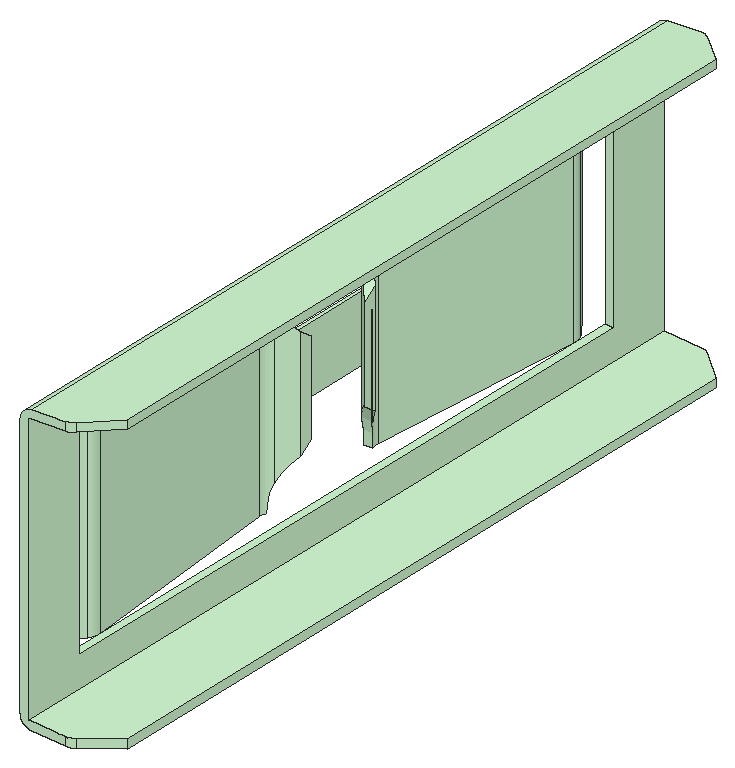
Revit family "joint_cc25", category 機械設備, Revit 2022
Family settings
  丸型コネクタ寸法 = 直径を使用
  種別 = なし
  パーツ タイプ = 標準
  作業面ベース = いいえ
  常に垂直 = はい
  ロード時にボイドで切り取り = いいえ
  注釈の向きを維持 = いいえ
  共有 = いいえ
  部屋計算ポイント = いいえ
Parameters (values of type "CC-25用ジョイント")
  製造元 = "株式会社桐井製作所"
  既定の高さ = 0 mm
  URL = "https://www.kirii.co.jp/"
  K_材質 = "SGCC　一般用"
  K_品名 = "CC-25用ジョイント"
  K_名称 = "野縁受けジョイント"
  K_単位質量(kg/個) = 0.045
  K_入数 = "300"
  K_バージョン情報 = "20210524"
  K_めっき付着量 = "Z12"
  K_JIS規格 = "JIS G 3302"
  K_JIS外 [instance] = not(K_JIS)  # no
  K_JIS [instance] = yes
Reference planes
  plane 1 "中心(正面/背面)": y = 0
  plane 2: z = 0
  plane 3 "中心(左/右)": x = 0
Forms (mm)
  Extrusion 1, solid
    sketch origin (2.7, 0, 0) x (1, 0, 0) y (0, 0, 1)
      loop
        line (-11.7, -16.179) -> (-11.7, 16.179) -> (-2.7, 16.599) -> (-2.7, 17.6) -> (-11.27, 17.2)
        arc (-11.27, 17.2) -> (-12.285, 16.737) -> (-12.7, 15.702) r 1.5
        line (-12.7, 15.702) -> (-12.7, -15.702)
        arc (-12.7, -15.702) -> (-12.285, -16.737) -> (-11.27, -17.2) r 1.5
        line (-11.27, -17.2) -> (-2.715, -17.599) -> (-2.715, -16.598) -> (-11.7, -16.179)
    from -47.5 to 47.5
  Extrusion 2, solid
    sketch origin (-7.559, -7.561, 0) x (1, 0, 0) y (0, 1, 0)
      loop
        line (-2.441, 2.059) -> (-2.441, 3.511) -> (-4.966, 0.855)
        arc (-4.966, 0.855) -> (-5.596, -0.147) -> (-5.79, -1.315) r 3
        arc (-5.79, -1.315) -> (-4.972, -14.885) -> (-3.447, -28.395) r 260.45
        line (-3.447, -28.395) -> (-5.639, -31.344) -> (-4.837, -31.941) -> (-2.889, -29.32)
        arc (-2.889, -29.32) -> (-2.557, -28.624) -> (-2.513, -27.854) r 2
        arc (-2.513, -27.854) -> (-3.993, -14.596) -> (-4.79, -1.28) r 259.45
        arc (-4.79, -1.28) -> (-4.661, -0.502) -> (-4.241, 0.166) r 2
        line (-4.241, 0.166) -> (-2.441, 2.059)
      loop
        line (-4.837, 47.059) -> (-5.639, 46.463) -> (-3.447, 43.513)
        arc (-3.447, 43.513) -> (-4.972, 30.004) -> (-5.79, 16.433) r 260.45
        arc (-5.79, 16.433) -> (-5.596, 15.265) -> (-4.966, 14.264) r 3
        line (-4.966, 14.264) -> (-2.441, 11.608) -> (-2.441, 13.059) -> (-4.241, 14.953)
        arc (-4.241, 14.953) -> (-4.661, 15.621) -> (-4.79, 16.399) r 2
        arc (-4.79, 16.399) -> (-3.993, 29.715) -> (-2.513, 42.972) r 259.45
        arc (-2.513, 42.972) -> (-2.557, 43.742) -> (-2.889, 44.438) r 2
        line (-2.889, 44.438) -> (-4.837, 47.059)
    from -12.5 to 12.5
  Extrusion 3, solid
    sketch origin (-7.559, -7.54, 0) x (1, 0, 0) y (0, 1, 0)
      loop
        arc (-6.208, 30.771) -> (-7.241, 7.521) -> (-6.204, -15.729) r 261.75
        line (-6.204, -15.729) -> (-4.688, -17.979)
        arc (-4.688, -17.979) -> (-5.372, -9.665) -> (-5.79, -1.334) r 260.45
        arc (-5.79, -1.334) -> (-5.941, 7.54) -> (-5.79, 16.414) r 260.45
        arc (-5.79, 16.414) -> (-5.373, 24.726) -> (-4.691, 33.021) r 260.45
        line (-4.691, 33.021) -> (-6.208, 30.771)
    from -4 to 4
  Extrusion 4, void
    sketch origin (0, 0, 0) x (0, 1, 0) y (0, 0, 1)
      loop
        arc (-8, 12.5) -> (0, 4.5) -> (8, 12.5) r 8
        line (8, 12.5) -> (-8, 12.5)
      loop
        arc (8, -12.5) -> (0, -4.5) -> (-8, -12.5) r 8
        line (-8, -12.5) -> (8, -12.5)
    from -13.289 to -10
  Extrusion 5, void
    sketch origin (2.7, 0, 0) x (0, 1, 0) y (0, 0, 1)
      loop
        line (40, 12.5) -> (-40, 12.5) -> (-40, -12.5) -> (40, -12.5) -> (40, 12.5)
    from -12.7 to -11.7
  Extrusion 6, void
    sketch origin (0, 0, 0) x (1, 0, 0) y (0, 1, 0)
      loop
        line (-3.574, 47.122) -> (0, 43.95) -> (0, 47.5) -> (-4.57, 47.5)
        arc (-4.57, 47.5) -> (-4.037, 47.402) -> (-3.574, 47.122) r 1.5
      loop
        line (0, -43.95) -> (-3.574, -47.122)
        arc (-3.574, -47.122) -> (-4.037, -47.402) -> (-4.57, -47.5) r 1.5
        line (-4.57, -47.5) -> (0, -47.5) -> (0, -43.95)
    from 16.245 to 18.824
  Extrusion 7, void
    sketch origin (0, 0, -35) x (1, 0, 0) y (0, 1, 0)
      loop
        line (-3.574, 47.122) -> (0, 43.95) -> (0, 47.5) -> (-4.57, 47.5)
        arc (-4.57, 47.5) -> (-4.037, 47.402) -> (-3.574, 47.122) r 1.5
      loop
        line (0, -43.95) -> (-3.574, -47.122)
        arc (-3.574, -47.122) -> (-4.037, -47.402) -> (-4.57, -47.5) r 1.5
        line (-4.57, -47.5) -> (0, -47.5) -> (0, -43.95)
    from 16.245 to 18.824
Cuts and joins
  Extrusion 4, Extrusion 5, Extrusion 6, Extrusion 7 cuts Extrusion 1
  Extrusion 4 cuts Extrusion 2
Dimensions and locks
  aligned and locked: level to plane 2
